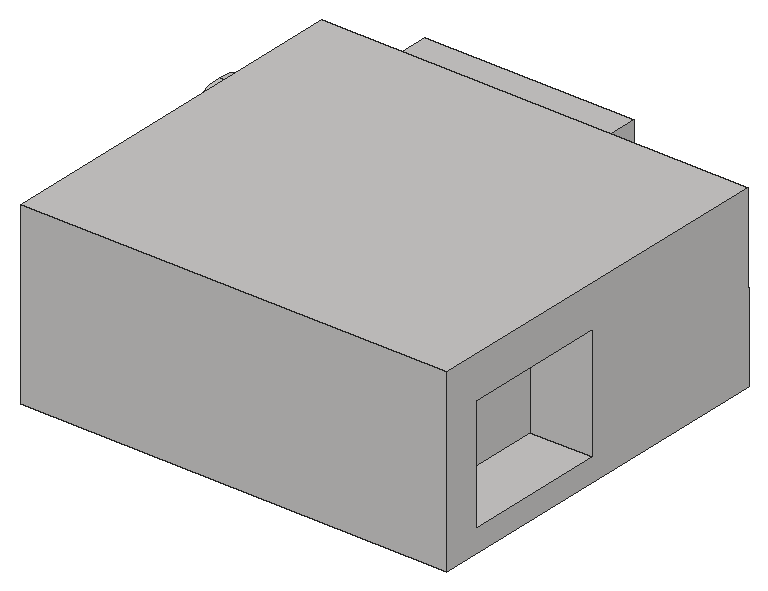
Revit family
Parameters
  Width = 3' - 0 1/8"
  Voltage = 277 V
  Unit Weight = "150.0 lbs"
  UltraLoc Liner = Choose Liner Option = 3  # no
  URL = "http://www.titus-hvac.com/"
  UL = "181"
  Supply Air Flow [instance] = 0 CFM
  SteriLoc Liner = Choose Liner Option = 2  # no
  Primary Air Pressure Drop [instance] = 0.00 in-wg
  Primary Air Flow [instance] = 0 CFM
  Plenum Air Pressure Drop [instance] = 0.00 in-wg
  Plenum Air Flow [instance] = 0 CFM
  Outlet Width = 1' - 2"
  Outlet Vertical Offset = 0' - 1 1/8"
  Outlet Horizontal Offset = 0' - 1 3/8"
  Outlet Height = 0' - 11"
  Number of Poles = 1
  Nominal Width = Width + 0' 6 1/4"  # 3' - 6 3/8"
  Nominal Length = Length + 0' 3 3/8"  # 3' - 8 1/4"
  Nominal Inlet Size = 1' - 0"
  Nominal Height = 1' - 5 1/8"
  NFPA = "90A"
  Motor Full Load Amps = 2.4 A
  Model = "DTQS"
  Min. Air Flow = 0 CFM
  Max. Air Flow = 0 CFM
  Material = Galvanized Steel
  Manufacturer = "Titus"
  Length = 3' - 4 7/8"
  Juction Box Offset = 0' - 4 7/8"
  Inlet Diameter = Nominal Inlet Size - 0' 0 1/8"  # 0' - 11 7/8"
  Induced Air Inlet Offset = 0' - 4 1/2"
  Induced Air Inlet Width = 1' - 1 1/4"
  Induced Air Inlet Height = 1' - 2 1/2"
  Induced Air Filter = no
  Heating Total Capacity [instance] = 0 Btu/h
  Half Outlet Connection Width = Outlet Width / 2  # 0' - 7"
  Half Outlet Connection Height = Outlet Height / 2  # 0' - 5 1/2"
  Half Height Start = -(Nominal Height / 2)  # -0' - 8 9/16"
  Half Height End = Nominal Height / 2  # 0' - 8 9/16"
  HP-Motor = "1/4"
  Frequency = 60 Hz
  Filter Size = "19\"x17\""
  Fiber Free Liner = Choose Liner Option = 1  # no
  Fan Disconnect Switch = no
  Duct Radius = Nominal Inlet Size / 2  # 0' - 6"
  Description = "Series Fan Powered Terminal Unit, Direct Digital Control, Pressure Independent"
  Connection Void Radius = Connection Radius - 0' 0 1/4"  # 0' - 5 11/16"
  Connection Radius = Inlet Diameter / 2  # 0' - 5 15/16"
  Choose Liner Option = 0
  CADworks URL = "www.CADworks.net"
  Assembly Code = "D3040100"
  Apparent Power = Voltage * Motor Full Load Amps  # 664.8 VA
  Air Inlet Offset = 0' - 8"
  1/2" Fiberglass Liner = Choose Liner Option = 0  # yes
Reference planes (in)
  plane 1 "Center (Front/Back)": y = 0
  plane 2: z = 0
  plane 3 "Center (Left/Right)": x = 3
  plane 4: x = -17.4375
  plane 5: x = 23.4375
  plane 6: x = -12.5625
  plane 7: x = -20.8125
  plane 8 "Center (Elevation)": z = 0
  plane 9: y = -18.0625
  plane 10: y = 18.0625
  plane 11: y = 10.0625
  plane 12: y = -13.5625
  plane 13: x = -11.4375
  plane 14: x = 17.4375
  plane 15: y = 24.3125
  plane 16: z = 8.5625
  plane 17: z = -8.5625
Forms (in)
  Extrusion 1, solid, material "Galvanized Steel" <- "Material"
    sketch origin (61, -3.76302, 78.80279) x (1, 0, 0) y (0, 1, 0)
      loop
        line (-78.4375, 21.82552) -> (-78.4375, -14.29948) -> (-37.5625, -14.29948) -> (-37.5625, 21.82552) -> (-78.4375, 21.82552)
    from -87.36529 <- "Half Height Start" to -70.24029 <- "Half Height End"
  Extrusion 2, solid, material "Galvanized Steel" <- "Material"
    sketch origin (6.0625, 0, 42) x (1, 0, 0) y (0, 1, 0)
      loop
        line (-18.625, 18.0625) -> (1.375, 18.0625) -> (1.375, 24.3125) -> (-18.625, 24.3125) -> (-18.625, 18.0625)
    from -48 to -36
  Extrusion 3, void
    sketch origin (23.4375, 18.0625, 76.42779) x (0, 1, 0) y (0, 0, -1)
      loop
        line (-18.625, 71.86529) -> (-18.625, 82.86529) -> (-32.625, 82.86529) -> (-32.625, 71.86529) -> (-18.625, 71.86529)
    from 0 to 6
  Extrusion 4, solid, material "Galvanized Steel" <- "Material"
    sketch origin (-24.875, -0.4375, 0) x (0, 0, -1) y (0, 1, 0)
      loop
        circle (0, 10.5) r 5.9375
    from 4.0625 to 7.4375
  Extrusion 5, void
    sketch origin (-24.875, 0, 0) x (0, 1, 0) y (0, 0, 1)
      loop
        circle (10.0625, 0) r 5.6875
    from 4.0625 to 13.4375
  Extrusion 6, void
    sketch origin (-17.4375, -18.0625, 78.67779) x (0, -1, 0) y (0, 0, -1)
      loop
        line (-17.75, 71.49029) -> (-4.5, 71.49029) -> (-4.5, 85.99029) -> (-17.75, 85.99029) -> (-17.75, 71.49029)
    from 0 to 6
Cuts and joins
  Extrusion 3, Extrusion 5, Extrusion 6 cuts Extrusion 1
  Extrusion 5 cuts Extrusion 4
Dimensions and locks (in)
  "Length": plane 5 to plane 4
  equal spacing: plane 5, plane 3 "Center (Left/Right)", plane 4
  locked: Extrusion 2 to plane 6 at 0
  locked: Extrusion 2 to Extrusion 2 at 20
  "Juction Box Offset": plane 6 to plane 4
  "Outlet Height": Extrusion 3 sketch curve to Extrusion 3 sketch curve
  "Outlet Width": Extrusion 3 sketch curve to Extrusion 3 sketch curve
  locked: plane 4 to plane 7 at 3.375
  "Width": plane 9 to plane 10
  equal spacing: plane 9, plane 1 "Center (Front/Back)", plane 10
  locked: Extrusion 4 sketch curve to level at 0
  locked: Extrusion 4 sketch curve to plane 11 at 0
  locked: Extrusion 5 sketch curve to level at 0
  locked: Extrusion 5 sketch curve to plane 11 at 0
  locked: Extrusion 2 to Extrusion 2 at 6.25
  "Air Inlet Offset": plane 10 to plane 11
  locked: Extrusion 2 to plane 10 at 0
  locked: cut or joined group of Extrusion 4, Extrusion 5 to plane 7 at 0
  locked: cut or joined group of Extrusion 4, Extrusion 5 to cut or joined group of Extrusion 4, Extrusion 5 at 3.375
  "Induced Air Inlet Offset": plane 9 to plane 12
  "Induced Air Inlet Width": Extrusion 6 sketch curve to Extrusion 6 sketch curve
  "Induced Air Inlet Height": Extrusion 6 sketch curve to Extrusion 6 sketch curve
  "Induced Air Inlet Offset": Extrusion 6 sketch curve to plane 9
  locked: plane 9 to Extrusion 3 sketch curve at 3.5
  cut or joined group of Extrusion 1, Extrusion 3, Extrusion 5, Extrusion 6 to Extrusion 6 sketch curve = 0' - 1 3/8"
  cut or joined group of Extrusion 1, Extrusion 3, Extrusion 5, Extrusion 6 to Extrusion 3 sketch curve = 0' - 2 1/8"
  locked: Extrusion 2 to Extrusion 2 at 12
  equal spacing: Extrusion 2, level, Extrusion 2
  locked: cut or joined group of Extrusion 1, Extrusion 3, Extrusion 5, Extrusion 6 to cut or joined group of Extrusion 1, Extrusion 3, Extrusion 5, Extrusion 6 at 17.125
  equal spacing: cut or joined group of Extrusion 1, Extrusion 3, Extrusion 5, Extrusion 6, level, cut or joined group of Extrusion 1, Extrusion 3, Extrusion 5, Extrusion 6
  locked: plane 4 to plane 13 at 6
  locked: plane 14 to plane 5 at 6
  "Connection Radius": radius of Extrusion 4 sketch curve
  "Connection Void Radius": radius of Extrusion 5 sketch curve
  aligned and locked: cut or joined group of Extrusion 1, Extrusion 3, Extrusion 5, Extrusion 6 to plane 10
  aligned and locked: plane 9 to cut or joined group of Extrusion 1, Extrusion 3, Extrusion 5, Extrusion 6
  aligned and locked: plane 5 to cut or joined group of Extrusion 1, Extrusion 3, Extrusion 5, Extrusion 6
  aligned and locked: cut or joined group of Extrusion 1, Extrusion 3, Extrusion 5, Extrusion 6 to plane 4
  aligned and locked: Extrusion 3 to plane 14
  aligned and locked: plane 13 to Extrusion 6
  aligned and locked: Extrusion 6 to Extrusion 5
Automatic sketch dimensions
  plane 4 to Extrusion 1 sketch curve = 0' - 0"
  plane 5 to Extrusion 1 sketch curve = 0' - 0"
  plane 9 to Extrusion 1 sketch curve = 0' - 0"
  plane 10 to Extrusion 1 sketch curve = 0' - 0"
  Extrusion 2 sketch curve to plane 6 = 0' - 0"
  Extrusion 2 sketch curve to plane 10 = 0' - 0"
  plane 3 "Center (Left/Right)" to Extrusion 2 sketch curve = 0' - 4 7/16"
  Extrusion 2 sketch curve to plane 10 = 0' - 6 1/4"
Connectors (in)
  electrical at (-2.5625, 24.3125, 0), driven by "Apparent Power", driven by "Voltage", driven by "Number of Poles"
    settings: on Extrusion 2, index 8
  hvac at (-20.8125, 10.0625, 0), driven by "Primary Air Flow", driven by "Duct Radius", driven by "Primary Air Pressure Drop"
    settings: on cut or joined group of Extrusion 4, Extrusion 5, index 9
  hvac at (-17.4375, -6.9375, -0.0625), driven by "Induced Air Inlet Width", driven by "Induced Air Inlet Height", driven by "Plenum Air Pressure Drop", driven by "Plenum Air Flow"
    settings: on cut or joined group of Extrusion 1, Extrusion 3, Extrusion 5, Extrusion 6, index 14
  hvac at (23.4375, -7.5625, -0.9375), driven by "Supply Air Flow", driven by "Outlet Width", driven by "Outlet Height"
    settings: on cut or joined group of Extrusion 1, Extrusion 3, Extrusion 5, Extrusion 6, index 15
